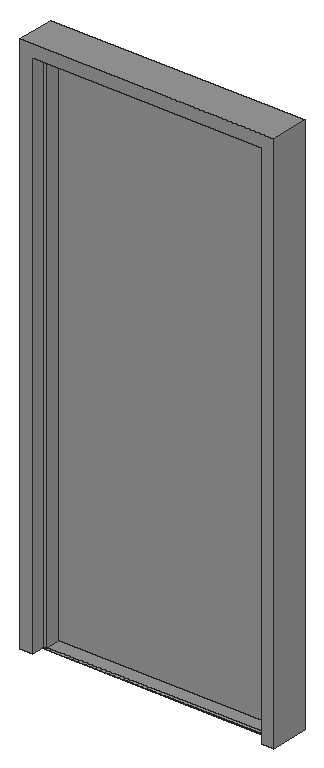
Revit family "WoodBulletResistantDoor_AMBICO_Single", category Doors, host Wall, Revit 2026
Family settings
  Host = Wall
  Classification Number = 23.30.10.11.11
  Always vertical = Yes
  Cut with Voids When Loaded = No
  Shared = No
  Room Calculation Point = No
Parameters (values of type "3' x 7'")
  z_Door Side Gap = 0' - 0 1/8"
  ZWidth = if(Width > Maximum Width, Maximum Width, if(Width < Minimum Width, Minimum Width, Width))  # 3' - 0"
  ZHeight = if(Height > Maximum Height, Maximum Height, if(Height < Minimum Height, Minimum Height, Height))  # 7' - 0"
  Warranty = "Five (5) years from date of supply, covering material and workmanship."  # constant formula
  Version = 2  # constant formula
  URL = "https://www.ambico.com/"
  Thickness = 0' - 1 3/4"  # constant formula
  Rough Width = Width + (Frame Width * 2)  # 3' - 4"
  Rough Height = Height + Frame Width  # 7' - 2"
  Product data url = ""
  Product Page URL = "https://www.ambico.com/acoustic-steel-doors-and-frames/"
  Product Material = AMBICO - Wood
  Panel Material = AMBICO - Wood
  Operation = "Swing"  # constant formula
  Model = "AMBICO - Wood Tornado Single"  # constant formula
  Minimum Width = 2' - 6"  # constant formula
  Minimum Height = 5' - 0"  # constant formula
  Maximum Width = 4' - 8"  # constant formula
  Maximum Height = 8' - 0"  # constant formula
  Manufacturer = "AMBICO"  # constant formula
  Function = Interior
  Height = 7' - 0"
  Wall Closure = By host
  Width = 3' - 0"
  Frame Width = 0' - 2"  # constant formula
  FireRating [instance] = ""
  Fire Rating = "45, 90, 180"
  Description = "AMBICO - Wood Tornado Single"  # constant formula
  Define Thermal Properties by = Schematic Type
  Date Updated = "2026/01/06"  # constant formula
  Date Created = "2023/08/02"  # constant formula
  BulletRating [instance] = ""
  Analytic Construction = "<None>"
  AcousticRating [instance] = 0
Reference planes (in)
  plane 1 "Center (Front/Back)": y = 0
  plane 2 "Center (Left/Right)": x = 0
  plane 3 "Left": x = -20
  plane 4 "Right": x = 20
  plane 5 "Top": z = 86.01953
  plane 6 "Exterior": y = 3
  plane 7 "Interior": y = -3
  plane 8: z = 84.01953
  plane 9: y = 2.5
  plane 10: y = -2.5
  plane 11: y = 1.0625
  plane 12: y = -1.0625
  plane 13: z = 83.39453
  plane 14: z = 85.96094
  plane 15: y = 2.94141
  plane 16: z = 84.07813
  plane 17: y = 1.00391
  plane 18: z = 83.45313
  plane 19: y = -1.00391
  plane 20: y = -2.94141
  plane 21: x = 18
  plane 22: x = -18
  plane 23: z = 84
  plane 24: y = 1.25
  plane 25: y = 39
  plane 26: x = -16.125
  plane 27: y = 39.125
  plane 28: z = 0.24937
  plane 29: y = 3.125
  plane 30: x = -17.875
  plane 31: x = 17.875
Forms (in)
  Sweep 1, solid, material "AMBICO - Wood" <- "Product Material"
    path origin (0, 0, 0) x (1, 0, 0) y (0, 0, 1)
      loop
        line (-20, 0) -> (-20, 86.01953) -> (20, 86.01953) -> (20, 0)
    profile origin (0, 0, 86.01953) x (0, 0, -1) y (0, -1, 0)
      loop
        line (0, -3) -> (2, -3) -> (2, -1.0625) -> (2.625, -1.0625) -> (2.625, 1.0625) -> (2, 1.0625) -> (2, 3) -> (0, 3) -> (0, -3)
  Extrusion 2, solid, material "AMBICO - Wood" <- "Panel Material"
    sketch origin (0, 0, 0) x (1, 0, 0) y (0, 0, 1)
      loop
        line (-17.875, 0.24937) -> (17.875, 0.24937) -> (17.875, 84) -> (-17.875, 84) -> (-17.875, 0.24937)
    from -3 to -1.25
  Sweep 3, solid, material "AMBICO - Wood" <- "Product Material"
    path origin (0, 3, 0) x (1, 0, 0) y (0, 0, 1)
      loop
        line (18, 0) -> (-18, 0)
    profile "Threshold Profiles : Family5" origin (0, 3, 0) x (0, 0, -1) y (0, -1, 0)
      loop
        line (-0.14027, 1.71883) -> (-0.07793, 1.71883) -> (-0.07793, 1.78117) -> (-0.14027, 1.78117) -> (-0.14027, 3.93203) -> (-0.1091, 4.00996) -> (-0.1091, 3.86969) -> (0, 3.86969) -> (0, 4.24375) -> (-0.12469, 4.24375) -> (-0.24937, 3.93203) -> (-0.24937, -0.43203) -> (-0.12469, -0.74375) -> (0, -0.74375) -> (0, -0.36969) -> (-0.1091, -0.36969) -> (-0.1091, -0.50996) -> (-0.14027, -0.43203) -> (-0.14027, 1.71883)
Lines and regions (in)
  Opening 1
    outline origin (-90, -3, 0) x (1, 0, 0) y (0, 0, 1)
      loop
        line (70, 0) -> (110, 0) -> (110, 86.01953) -> (70, 86.01953) -> (70, 0)
  Masking region 1
    outline origin (0, 0, 0) x (1, 0, 0) y (0, 1, 0)
      loop
        line (-20, -3) -> (-18, -3) -> (-18, -1.0625) -> (-17.375, -1.0625) -> (-17.375, 1.0625) -> (-18, 1.0625) -> (-18, 3) -> (-20, 3) -> (-20, -3)
  Masking region 2
    outline origin (0, 0, 0) x (1, 0, 0) y (0, 1, 0)
      loop
        line (20, -3) -> (20, 3) -> (18, 3) -> (18, 1.0625) -> (17.375, 1.0625) -> (17.375, -1.0625) -> (18, -1.0625) -> (18, -3) -> (20, -3)
  symbolic lines, style "Doors"
    curve 1: line (-17.875, 39.125, 0) -> (-16.125, 39.125, 0)
    curve 2: line (-16.125, 3.125, 0) -> (-16.125, 39.125, 0)
    curve 3: line (-17.875, 3.125, 0) -> (-17.875, 39.125, 0)
    curve 4: line (-17.875, 3.125, 0) -> (-16.125, 3.125, 0)
  symbolic lines
    curve 5: circle (-18, 3.125, 0) r 0.125 normal (0, 0, 1)
  symbolic lines, style "Elevation Swing"
    curve 6: arc (17.875, 3, 0) -> (7.41161, 28.32322, 0) -> (-17.875, 38.87478, 0) r 35.875
Text (in)
  text "Exterior" at (-74.96733, 27.31104, 0), in view "Ref. Level"
  text "Interior" at (-74.96733, -25.14366, 0), in view "Ref. Level"
  text "Exterior" at (0, 40.15149, 123.01588), in view "Right"
  text "Interior" at (0, -64.39139, 123.01588), in view "Right"
  text "Interior" at (0, -31.01599, 123.00693), in view "Left"
  text "Exterior" at (0, 54.57065, 123.00693), in view "Left"
Dimensions and locks (in)
  equal spacing: plane 3 "Left", plane 2 "Center (Left/Right)", plane 4 "Right"
  "ZHeight": level to plane 23
  locked: plane 6 "Exterior" to plane 9 at 0.5
  locked: plane 10 to plane 7 "Interior" at 0.5
  locked: plane 6 "Exterior" to plane 11 at 1.9375
  locked: plane 12 to plane 7 "Interior" at 1.9375
  locked: plane 8 to plane 5 "Top" at 2
  locked: plane 8 to plane 13 at 0.625
  locked: plane 6 "Exterior" to plane 15 at 0.05859
  locked: plane 20 to plane 7 "Interior" at 0.05859
  locked: plane 14 to plane 5 "Top" at 0.05859
  locked: plane 16 to plane 8 at 0.05859
  locked: plane 11 to plane 17 at 0.05859
  locked: plane 19 to plane 12 at 0.05859
  locked: plane 18 to plane 13 at 0.05859
  locked: plane 21 to plane 4 "Right" at 2
  locked: plane 3 "Left" to plane 22 at 2
  "ZWidth": plane 22 to plane 21
  locked: plane 8 to plane 23 at 0.01953
  "Thickness": plane 24 to plane 6 "Exterior"
  "Width": plane 6 "Exterior" to plane 25
  "z_Door Side Gap": plane 27 to plane 25
  locked: level to plane 28 at 0.24937
  "z_Door Side Gap": plane 6 "Exterior" to plane 29
  "z_Door Side Gap": plane 22 to plane 30
  "z_Door Side Gap": plane 31 to plane 21
  plane 30 to plane 26 = 0' - 1 3/4"
  aligned and locked: plane 3 "Left" to Opening 1 sketch curve
  aligned and locked: plane 5 "Top" to Opening 1 sketch curve  (x2)
  aligned and locked: Opening 1 sketch curve to plane 4 "Right"
  aligned and locked: Opening 1 sketch curve to level
  aligned and locked: plane 6 "Exterior" to host wall
  aligned and locked: plane 7 "Interior" to host wall
  aligned and locked: Sweep 1 sketch curve to plane 3 "Left"
  aligned and locked: Sweep 1 sketch curve to plane 4 "Right"
  aligned and locked: Sweep 1 sketch curve to plane 5 "Top"  (x2)
  aligned and locked: level to Sweep 1 sketch curve  (x2)
  aligned and locked: Sweep 1 sketch curve to plane 6 "Exterior"
  aligned and locked: Sweep 1 sketch curve to plane 7 "Interior"
  aligned and locked: Sweep 1 sketch curve to plane 8
  aligned and locked: Sweep 1 sketch curve to plane 11
  aligned and locked: Sweep 1 sketch curve to plane 13
  aligned and locked: Sweep 1 sketch curve to plane 12
  aligned and locked: Extrusion 2 sketch curve to plane 23
  aligned and locked: Extrusion 2 to plane 6 "Exterior"
  aligned and locked: plane 24 to Extrusion 2
  aligned and locked: curve 2 to plane 26
  aligned and locked: plane 28 to Extrusion 2 sketch curve
  aligned and locked: curve 4 to plane 29
  aligned and locked: curve 3 to plane 30
  aligned and locked: plane 30 to Extrusion 2
  aligned and locked: Extrusion 2 to plane 31
  aligned and locked: curve 1 to plane 27
  aligned and locked: Masking region 1 sketch curve to plane 3 "Left"
  aligned and locked: Sweep 1 to Masking region 1 sketch curve
  aligned and locked: Masking region 1 sketch curve to Sweep 1  (x2)
  aligned and locked: Masking region 1 sketch curve to plane 22
  aligned and locked: Masking region 1 sketch curve to plane 7 "Interior"
  aligned and locked: Masking region 1 sketch curve to plane 6 "Exterior"
  aligned and locked: Masking region 2 sketch curve to plane 4 "Right"
  aligned and locked: Masking region 2 sketch curve to plane 21
  aligned and locked: Masking region 2 sketch curve to Sweep 1  (x2)
  aligned and locked: Sweep 1 to Masking region 2 sketch curve
  aligned and locked: Masking region 2 sketch curve to plane 7 "Interior"
  aligned and locked: Masking region 2 sketch curve to plane 6 "Exterior"
  aligned and locked: plane 21 to Sweep 3 sketch curve
  aligned and locked: plane 22 to Sweep 3 sketch curve
Automatic sketch dimensions
  Sweep 1 sketch curve to Sweep 1 sketch curve = 0' - 0"
  Extrusion 2 sketch curve to plane 22 = 0' - 0 1/8"
  plane 21 to Extrusion 2 sketch curve = 0' - 0 1/8"
  curve 6 to host wall = 0' - 0"
  curve 6 to plane 22 = 0' - 0"
  curve 5 to plane 22 = 0' - 0"
  curve 6 to plane 31 = 0' - 0"
  curve 5 to plane 29 = 0' - 0"
  Masking region 1 sketch curve to plane 22 = 0' - 0"
  Masking region 2 sketch curve to plane 21 = 0' - 0"
  Sweep 3 sketch curve to level = 0' - 0"
